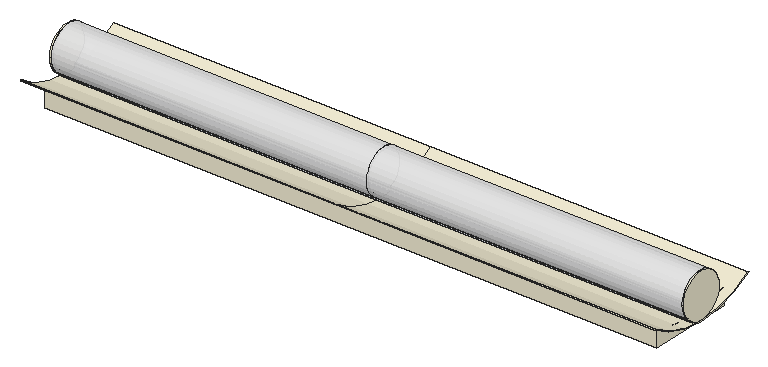
Revit family "3-5023-xx - Wave (Vanity)", category Lighting Fixtures, host Face, Revit 2018
Family settings
  Host = Face
  Round Connector Dimension = Use Diameter
  Part Type = Normal
  Cut with Voids When Loaded = No
  Light Source = Yes
  Shared = No
  Room Calculation Point = No
Parameters (values of type "3-5023-24 - Wave")
  Wattage Comments = "31.36 W at 120 V"  # constant formula
  Wattage = 31.36 W
  built-in parameter 1150110 = 1 (stored number, unit not read)
  Voltage Input [instance] = "120 V or 277 V - 50/60 Hz"  # constant formula
  URL = "www.oxygenlighting.com"
  built-in parameter 1114217 = 1 (stored number, unit not read)
  Tilt Angle = 180.00°  # constant formula
  built-in parameter 1150109 = 1 (stored number, unit not read)
  built-in parameter 1150134 = (empty or 0)
  built-in parameter 1150113 = 1 (stored number, unit not read)
  References [instance] = "Ref. 3 = 120 V / Ref. 37 = 277 V"  # constant formula
  Photometric Web File = "3-5023 Wave Vanity.ies"
  Other 2 = none
  Other 1 = none
  Model = "3-5023-XX - Wave"  # constant formula
  Metal Finish = 24 - Satin Nickel
  Manufacturer = "Oxygen - Lighting & Fans"  # constant formula
  Main Diffuser = Matte White Acrylic
  built-in parameter 1150105 = -908346.8 (stored number, unit not read)
  Lumens = 1953.73 lm
  built-in parameter 1150115 = 1 (stored number, unit not read)
  built-in parameter 1150137 = (empty or 0)
  built-in parameter 1150139 = (empty or 0)
  built-in parameter 1150112 = 1 (stored number, unit not read)
  built-in parameter 1150114 = 1 (stored number, unit not read)
  Lamp = "LED Array"  # constant formula
  built-in parameter 1150132 = (empty or 0)
  built-in parameter 1150102 = (empty or 0)
  built-in parameter 1150107 = 3000 (stored number, unit not read)
  built-in parameter 1150138 = (empty or 0)
  built-in parameter 1150106 = -9083.5 (stored number, unit not read)
  Emit from Rectangle Width = 24.00"  # constant formula
  built-in parameter 1150128 = 1.00"  # constant formula
  Emit Shape Visible in Rendering = no
  built-in parameter 1150104 = 5.7879 (stored number, unit not read)
  Dimming Lamp Color Temperature Shift = <None>
  Default Elevation = 0.00"
  Color Filter = 16777215
  Emit from Rectangle Length = 12.00"
  built-in parameter 1150133 = 10 (stored number, unit not read)
  2nd Diffuser = none
Types (3): name | Metal Finish
  (no name) | 24 - Satin Nickel
  3-5023-15 - Wave | 15 - Black
  3-5023-24 - Wave | 24 - Satin Nickel
Reference planes (in)
  plane 1 "Center (Front/Back)": y = 0
  plane 2: z = 0
  plane 3 "Center (Left/Right)": x = 0
  plane 4 "M.C.": y = 0
  plane 5 "Light Source Height": y = 0
  plane 6 "Light Source Ext.": z = 2
Dimensions and locks (in)
  aligned and locked: plane 2 to host face
  aligned and locked: level to host face
  aligned and locked: imposter light to plane 5 "Light Source Height"
  aligned and locked: plane 6 "Light Source Ext." to imposter light
  aligned and locked: plane 3 "Center (Left/Right)" to imposter light
Nested families (in)
  nested 1: "WAVE 5022" at (0, 0, 0), type "WAVE 5022"
Definition of nested family "WAVE 5022"
  Parameters (values of type "WAVE 5022")
    Others 2 = none
    Others 1 = none
    Metal Finish = none
    Main Diffuser = none
    2nd Diffuser = none
  Reference planes (in)
    plane 1 "Center (Front/Back)": y = 0
    plane 2: z = 0
    plane 3 "Center (Left/Right)": x = 0
    plane 4 "Very Bottom": y = 0
  Forms (in)
    Extrusion 1, solid, material <- "Metal Finish"
      sketch origin (0, 0, 0) x (1, 0, 0) y (0, 1, 0)
        loop
          line (-16.5, -2.26378) -> (16.49606, -2.26378) -> (16.49606, 2.26378) -> (-16.5, 2.26378) -> (-16.5, -2.26378)
      from 0 to 1.87181
    Extrusion 2, void
      sketch origin (0, 0, 0) x (0, 1, 0) y (0, 0, 1)
        loop
          circle (0, 6.00394) r 5.5315
      from -21.33827 to 20.66108
    Extrusion 3, solid, material <- "Metal Finish"
      sketch origin (0, 0, 0) x (0, 1, 0) y (0, 0, 1)
        loop
          arc (-3.17274, 1.4728) -> (0, 0.47244) -> (3.17274, 1.4728) r 5.5315
          line (3.17274, 1.4728) -> (3.15467, 1.4986)
          arc (3.15467, 1.4986) -> (0, 0.50394) -> (-3.15467, 1.4986) r 5.5
          line (-3.15467, 1.4986) -> (-3.17274, 1.4728)
      from 0 to 17.09
    Extrusion 4, solid, material <- "Metal Finish"
      sketch origin (0, 0, 0) x (0, 1, 0) y (0, 0, 1)
        loop
          circle (0, 1.72441) r 1.1811
      from 17.09 to 17.01
    Extrusion 5, solid
      sketch origin (0, 0, 0) x (0, 1, 0) y (0, 0, 1)
        loop
          line (-0.66046, 0.74523) -> (-0.68222, 0.71298)
          arc (-0.68222, 0.71298) -> (0, 0.50441) -> (0.68222, 0.71298) r 1.22
          line (0.68222, 0.71298) -> (0.66046, 0.74523)
          arc (0.66046, 0.74523) -> (0, 0.54331) -> (-0.66046, 0.74523) r 1.1811
      from 0 to 17.01
    Extrusion 6, solid, material <- "Main Diffuser"
      sketch origin (0, 0, 0) x (0, 1, 0) y (0, 0, 1)
        loop
          line (0.4, 0.6131) -> (0.4, 0.75239)
          arc (0.4, 0.75239) -> (0, 2.77551) -> (-0.4, 0.75239) r 1.0511
          line (-0.4, 0.75239) -> (-0.4, 0.6131)
          arc (-0.4, 0.6131) -> (0, 2.90551) -> (0.4, 0.6131) r 1.1811
      from 0 to 17.01
    Extrusion 7, solid, material <- "Metal Finish"
      sketch origin (0, 0, 0) x (0, 1, 0) y (0, 0, -1)
        loop
          line (-3.17274, -1.4728) -> (-3.15467, -1.4986)
          arc (-3.15467, -1.4986) -> (0, -0.50394) -> (3.15467, -1.4986) r 5.5
          line (3.15467, -1.4986) -> (3.17274, -1.4728)
          arc (3.17274, -1.4728) -> (0, -0.47244) -> (-3.17274, -1.4728) r 5.5315
      from 0 to 17.09
    Extrusion 8, solid, material <- "Metal Finish"
      sketch origin (0, 0, 0) x (0, 1, 0) y (0, 0, -1)
        loop
          circle (0, -1.72441) r 1.1811
      from 17.09 to 17.01
    Extrusion 9, solid
      sketch origin (0, 0, 0) x (0, 1, 0) y (0, 0, -1)
        loop
          arc (-0.66046, -0.74523) -> (0, -0.54331) -> (0.66046, -0.74523) r 1.1811
          line (0.66046, -0.74523) -> (0.68222, -0.71298)
          arc (0.68222, -0.71298) -> (0, -0.50441) -> (-0.68222, -0.71298) r 1.22
          line (-0.68222, -0.71298) -> (-0.66046, -0.74523)
      from 0 to 17.01
    Extrusion 10, solid, material <- "Main Diffuser"
      sketch origin (0, 0, 0) x (0, 1, 0) y (0, 0, -1)
        loop
          arc (0.4, -0.6131) -> (0, -2.90551) -> (-0.4, -0.6131) r 1.1811
          line (-0.4, -0.6131) -> (-0.4, -0.75239)
          arc (-0.4, -0.75239) -> (0, -2.77551) -> (0.4, -0.75239) r 1.0511
          line (0.4, -0.75239) -> (0.4, -0.6131)
      from 0 to 17
  Cuts and joins
    Extrusion 2 cuts Extrusion 1
    joined: Extrusion 3, Extrusion 7
    joined: Extrusion 6, Extrusion 10
    joined: Extrusion 5, Extrusion 9
  Lines and regions (in)
    model lines
      curve 1: line (-4, 0, 0) -> (4, 0, 0)
      curve 2: line (0, -4, 0) -> (0, 4, 0)
    symbolic lines
      curve 3: circle (0, 0, 0) r 2 normal (0, 0, 1)
    model lines, not visible
      curve 4: line (-13.0722, 21.77075, 0) -> (-5.0722, 21.77075, 0)
      curve 5: line (-9.0722, 17.77075, 0) -> (-9.0722, 25.77075, 0)
    symbolic lines, not visible
      curve 6: circle (-9.0722, 21.77075, 0) r 2 normal (0, 0, 1)
  Text (in)
    text "M.C." at (0.88973, 1.62995, 0), in view "Ref. Level"
    text "M.C." at (-8.18247, 23.4007, 0), in view "Ref. Level", not visible
  Dimensions and locks (in)
    aligned and locked: plane 2 to level
